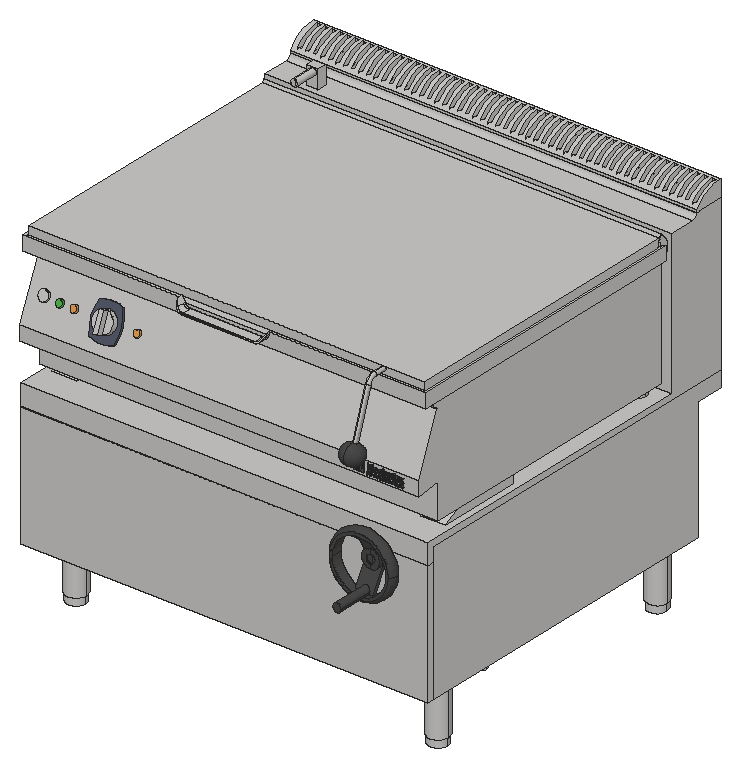
Revit family "QF_ELECTROLUXPROFESSIONAL_391285_E9BRGJDP40", category Specialty Equipment, Revit 2018 (continued)
Automatic sketch dimensions
  curve 49 to curve 47 = 18.827 mm
  curve 47 to curve 46 = 13.072 mm
  curve 50 to curve 46 = 0 mm
  curve 34 to plane 25 = 6.375 mm
  plane 25 to curve 33 = 9.875 mm
  curve 47 to plane 15 = 1.83 mm
  plane 3 "LEFT" to curve 38 = 10 mm
  curve 48 to plane 5 "FRONT" = 2.513 mm
  curve 46 to plane 5 "FRONT" = 7.915 mm
  curve 45 to curve 50 = 4.2 mm
  curve 45 to curve 49 = 2.999 mm
  curve 48 to curve 46 = 2.999 mm
  curve 47 to curve 46 = 6.575 mm
  curve 49 to curve 50 = 6.575 mm
  curve 37 to plane 5 "FRONT" = 15.818 mm
  curve 38 to plane 5 "FRONT" = 15.818 mm
  curve 33 to plane 12 = 25 mm
  curve 33 to curve 34 = 0 mm
  Extrusion 29 sketch curve to plane 5 "FRONT" = 10.347 mm
  plane 5 "FRONT" to Extrusion 29 sketch curve = 6.769 mm
  Extrusion 29 sketch curve to plane 21 = 46.536 mm
  Extrusion 29 sketch curve to plane 21 = 18.745 mm
  plane 5 "FRONT" to Sweep 31 sketch curve = 23.968 mm
  plane 5 "FRONT" to Sweep 31 sketch curve = 5.174 mm
  Sweep 31 sketch curve to plane 21 = 27.169 mm
  Sweep 31 sketch curve to Sweep 31 sketch curve = 6.84 mm
  plane 18 to Sweep 31 sketch curve = 33.995 mm
  Sweep 31 sketch curve to plane 5 "FRONT" = 23.18 mm
  Sweep 31 sketch curve to Sweep 31 sketch curve = 112.748 mm
  Sweep 31 sketch curve to profile plane = 0 mm
  profile plane to Sweep 31 sketch curve = 676.16 mm
  plane 5 "FRONT" to Revolve 32 sketch curve = 14.182 mm
  Revolve 32 sketch curve to Revolve 32 sketch curve = 1.362 mm  (x2)
  plane 5 "FRONT" to Revolve 32 sketch curve = 4.182 mm
  Revolve 32 sketch curve to plane 5 "FRONT" = 0.818 mm
  Revolve 32 sketch curve to Revolve 32 sketch curve = 15 mm
  Revolve 32 sketch curve to plane 10 = 63.57 mm
  Revolve 32 sketch curve to Revolve 32 sketch curve = 10 mm
  Revolve 32 sketch curve to Revolve 32 sketch curve = 11.16 mm
  Revolve 32 sketch curve to Revolve 32 sketch curve = 5 mm
  Revolve 32 sketch curve to Revolve 32 sketch curve = 7.32 mm
  Revolve 32 sketch curve to Revolve 32 sketch curve = 16.362 mm
  Revolve 32 sketch curve to Revolve 32 sketch curve = 0 mm
  plane 10 to Extrusion 33 sketch curve = 2.302 mm
  plane 5 "FRONT" to Extrusion 33 sketch curve = 37.304 mm  (x2)
  Extrusion 33 sketch curve to Extrusion 33 sketch curve = 7.309 mm  (x2)
  plane 5 "FRONT" to Extrusion 33 sketch curve = 4.786 mm
  Extrusion 33 sketch curve to plane 5 "FRONT" = 0.818 mm
  Extrusion 33 sketch curve to plane 10 = 53.57 mm
  Extrusion 33 sketch curve to Extrusion 33 sketch curve = 3.091 mm  (x2)
  Extrusion 33 sketch curve to Extrusion 33 sketch curve = 13.819 mm
  Extrusion 33 sketch curve to Extrusion 33 sketch curve = 58.963 mm
  radius of Extrusion 8 sketch curve = 15 mm  (x2)
  radius of Sweep 20 sketch curve = 80 mm
  radius of Extrusion 21 sketch curve = 10 mm
  radius of Extrusion 22 sketch curve = 8 mm
  radius of Extrusion 23 sketch curve = 8 mm
  radius of Extrusion 24 sketch curve = 25.4 mm
  radius of Extrusion 25 sketch curve to Extrusion 24 = 0 mm  (x2)
  radius of Extrusion 26 sketch curve = 12.7 mm
  radius of Extrusion 27 sketch curve = 8 mm
  radius of Sweep 36 sketch curve = 5 mm
  radius of Extrusion 39 sketch curve = 2.521 mm  (x2)
  radius of Extrusion 39 sketch curve = 1.6 mm
  radius of Extrusion 39 sketch curve = 1.51 mm
  radius of Extrusion 15 sketch curve = 12.7 mm
  radius of Extrusion 16 sketch curve = 30 mm
  radius of Extrusion 17 sketch curve = 6.35 mm
  radius of Extrusion 18 sketch curve = 6.35 mm
  radius of Extrusion 19 sketch curve = 6.35 mm
  radius of Sweep 31 sketch curve = 5 mm
Connectors
  piping at (105, -706, 182), diameter 12.8
    settings: on Extrusion 17, index 1, connector inside diameter 0.50394", connector length 0 mm, flow factor 0, pipe flow 0 GPM, pressure drop 0.00 psi, fitting loss kfactor 0, connector angle 0.00°, fixture units 0, engagement length 0 mm, angle of deflection 0.00°, flow configuration 1, flow direction 1, fitting loss method 0, system type 7, joint type 0, gender type 0, connector reference index -1, connector utility 0, adjustable connector no, is connector primary yes, connector description "GAS CONNECTION"
  piping at (195, -698, 182), diameter 19
    settings: on Extrusion 18, index 2, connector inside diameter 0.74803", connector length 0 mm, flow factor 0, pipe flow 0 GPM, pressure drop 0.00 psi, fitting loss kfactor 0, connector angle 0.00°, fixture units 0, engagement length 0 mm, angle of deflection 0.00°, flow configuration 1, flow direction 1, fitting loss method 0, system type 20, joint type 0, gender type 0, connector reference index -1, connector utility 0, adjustable connector no, is connector primary no, connector description "COLD WATER INLET"
  electrical at (265, -706, 182)
    settings: on Extrusion 19, index 3, voltage 230 V, apparent load 250 VA, apparent load phase1 0 VA, apparent load phase2 0 VA, apparent load phase3 0 VA, power factor 1, load classification "Other", number of poles 1, system type 30, power factor state 1, is connector primary yes, connector utility no, sub classification motor no, connector description "ELECTRICAL CONNECTION"
